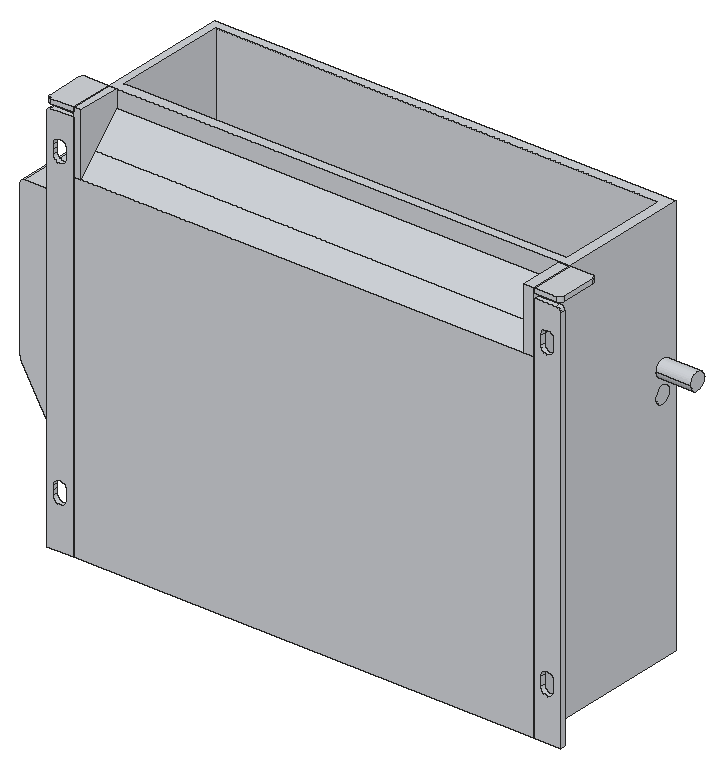
Revit family "Midea_FCU_two pipe 2th Ceiling&Floor MKH3-150R3(R4)(DC50,60Hz)-Floor", category Mechanical Equipment, Revit 2013
Parameters (values of type "MKH3-150-R3")
  clearance access up = 1500.000 mm
  clearance access right = 150.000 mm
  clearance access left = 150.000 mm
  clearance access down = 90.000 mm
  clearance access behind = 50.000 mm
  clearance [instance] = no
  Width = 495.000 mm
  Series = "FCU"
  Rated current = 0.15 A
  Power supply = "220-240V ~50Hz/60Hz"
  Power Input(H/M/L) = "35/17/14 W"
  Panel color = "-"
  Net Weight = 11.60 kg
  Model = "MKH3-150-R3"
  Manufacturer = "Midea"
  Machine material = Galvanized Steel
  Liquid pipe = 19.050 mm
  Installation = "Indoor installation"
  Height = 200.000 mm
  Heating Capacity(H/M/L) = "1.85/1.29/1.13 kW"
  Drain pipe = 18.500 mm
  Description = "High efficiency water cooled"
  Depth = 790.000 mm
  Cooling Capacity(H/M/L) = "1.65/1.22/1.09 kW"
  Condensation = "water"
  Circuit breaker = 15 A
  Air Flow(H/M/L) = "255/165/142 m3/h"
Types (3, lengths in mm): name | Rated current | Power Input(H/M/L) | Net Weight | Model | Heating Capacity(H/M/L) | Cooling Capacity(H/M/L) | Air Flow(H/M/L)
  (no name) | 0.15 A | "35/17/14 W" | 11.60 kg | "MKH3-150-R3" | "1.85/1.29/1.13 kW" | "1.65/1.22/1.09 kW" | "255/165/142 m3/h"
  MKH3-150-R3 | 0.15 A | "35/17/14 W" | 11.60 kg | "MKH3-150-R3" | "1.85/1.29/1.13 kW" | "1.65/1.22/1.09 kW" | "255/165/142 m3/h"
  MKH3-150-R4 | 0.17 A | "40/24/15 W" | 12.00 kg | "MKH3-150-R4" | "2.35/1.87/1.40 kW" | "2.25/1.85/1.46 kW" | "255/192/139 m3/h"
Reference planes
  plane 1 "Center (Front/Back)": y = 0
  plane 2: z = 0
  plane 3 "Center (Left/Right)": x = 0
  plane 4: y = -200
  plane 5: z = 455
  plane 6: x = 300
  plane 7: x = -328
  plane 8: z = 445
  plane 9: z = 445
  plane 10: x = -275
  plane 11: z = 355
  plane 12: z = 90
Forms (mm)
  Extrusion 1, solid
    sketch origin (500, 500, 0) x (0, -1, 0) y (0, 0, -1)
      loop
        line (500, -455) -> (650, -455) -> (650, -435) -> (680, -405) -> (700, -385) -> (700, 0) -> (500, 0) -> (500, -455)
    from -760 to -240
  Extrusion 2, void
    sketch origin (0, 0, 0) x (0, 1, 0) y (0, 0, 1)
      loop
        line (-190, 10) -> (-10, 10) -> (-10, 455) -> (-140, 455) -> (-140, 430.858) -> (-190, 380.858) -> (-190, 10)
    from -251.261 to 248.722
  Extrusion 3, solid
    sketch origin (0, 0, 0) x (0, 1, 0) y (0, 0, 1)
      loop
        line (-200, 385) -> (-150, 435) -> (-150, 455) -> (-200, 455) -> (-200, 385)
    from 248.722 to 260
  Extrusion 4, solid
    sketch origin (0, 0, 0) x (0, 1, 0) y (0, 0, -1)
      loop
        line (-200, -385) -> (-200, -455) -> (-150, -455) -> (-150, -435) -> (-200, -385)
    from 251.261 to 260
  Extrusion 5, solid
    sketch origin (54, 0, 0) x (1, 0, 0) y (0, 1, 0)
      loop
        arc (-339, -150) -> (-342.536, -151.464) -> (-344, -155) r 5
        line (-344, -155) -> (-344, -195)
        arc (-344, -195) -> (-342.536, -198.536) -> (-339, -200) r 5
        line (-339, -200) -> (-314, -200) -> (-314, -150) -> (-339, -150)
      loop
        line (231, -150) -> (206, -150) -> (206, -200) -> (231, -200)
        arc (231, -200) -> (234.536, -198.536) -> (236, -195) r 5
        line (236, -195) -> (236, -155)
        arc (236, -155) -> (234.536, -151.464) -> (231, -150) r 5
    from 450 to 455
  Extrusion 6, solid
    sketch origin (54, 0, 0) x (1, 0, 0) y (0, 0, 1)
      loop
        line (206, 445) -> (206, 0) -> (236, 0) -> (236, 440)
        arc (236, 440) -> (234.536, 443.536) -> (231, 445) r 5
        line (231, 445) -> (206, 445)
      loop
        line (-314, 445) -> (-339, 445)
        arc (-339, 445) -> (-342.536, 443.536) -> (-344, 440) r 5
        line (-344, 440) -> (-344, 0) -> (-314, 0) -> (-314, 445)
      loop
        line (213.5, 410) -> (213.5, 400)
        arc (213.5, 400) -> (221, 392.5) -> (228.5, 400) r 7.5
        line (228.5, 400) -> (228.5, 405) -> (228.5, 410)
        arc (228.5, 410) -> (221, 417.5) -> (213.5, 410) r 7.5
      loop
        arc (-321.5, 410) -> (-329, 417.5) -> (-336.5, 410) r 7.5
        line (-336.5, 410) -> (-336.5, 405) -> (-336.5, 400)
        arc (-336.5, 400) -> (-329, 392.5) -> (-321.5, 400) r 7.5
        line (-321.5, 400) -> (-321.5, 410)
      loop
        arc (-321.5, 65) -> (-329, 72.5) -> (-336.5, 65) r 7.5
        line (-336.5, 65) -> (-336.5, 60) -> (-336.5, 55)
        arc (-336.5, 55) -> (-329, 47.5) -> (-321.5, 55) r 7.5
        line (-321.5, 55) -> (-321.5, 65)
      loop
        line (213.5, 65) -> (213.5, 55)
        arc (213.5, 55) -> (221, 47.5) -> (228.5, 55) r 7.5
        line (228.5, 55) -> (228.5, 60) -> (228.5, 65)
        arc (228.5, 65) -> (221, 72.5) -> (213.5, 65) r 7.5
    from 195 to 200
  Extrusion 7, solid
    sketch origin (0, 0, 0) x (1, 0, 0) y (0, 0, 1)
      loop
        line (-260, 355) -> (-323, 355)
        arc (-323, 355) -> (-326.536, 353.536) -> (-328, 350) r 5
        line (-328, 350) -> (-328, 176.897)
        arc (-328, 176.897) -> (-327.633, 173.45) -> (-326.332, 170.236) r 12.496
        line (-326.332, 170.236) -> (-280.877, 91.519)
        arc (-280.877, 91.519) -> (-279.983, 90.487) -> (-278.708, 90) r 2.801
        line (-278.708, 90) -> (-260, 90) -> (-260, 355)
    from 30 to 190
  Extrusion 8, solid
    sketch origin (500, 500, 0) x (0, -1, 0) y (0, 0, -1)
      loop
        circle (519.525, -295.408) r 9.525
    from -240 to -200
  Extrusion 9, solid
    sketch origin (-500, 500, 0) x (0, -1, 0) y (0, 0, 1)
      loop
        circle (519.525, 295.408) r 9.525
    from -240 to -200
  Extrusion 10, solid
    sketch origin (500, 498.342, 0) x (0, -1, 0) y (0, 0, -1)
      loop
        circle (517.592, -267.659) r 9.25
    from -267.467 to -240
  Extrusion 11, solid
    sketch origin (-500, 498.342, 0) x (0, -1, 0) y (0, 0, 1)
      loop
        circle (517.592, 267.659) r 9.25
    from -267.467 to -240
Cuts and joins
  Extrusion 2 cuts Extrusion 1
Dimensions and locks
  aligned and locked: level to plane 2
Nested families
  nested 1: "Midea service space" at (-478, -200, 0), visible <- "clearance", type "Midea Service  Space"
    with Width 150.000 mm, Height 455.000 mm, Depth 200.000 mm
  nested 2: "Midea service space" at (300, -200, 0), visible <- "clearance", type "Midea Service  Space"
    with Width 150.000 mm, Height 455.000 mm, Depth 200.000 mm
  nested 3: "Midea service space" at (-328, 0, 0), visible <- "clearance", type "Midea Service  Space"
    with Width 628.000 mm, Height 455.000 mm, Depth 50.000 mm
  nested 4: "Midea service space" at (-328, -200, 455), visible <- "clearance", type "Midea Service  Space"
    with Width 628.000 mm, Height 1500.000 mm, Depth 200.000 mm
  nested 5: "Midea service space" at (-328, -200, -90), visible <- "clearance", type "Midea Service  Space"
    with Width 628.000 mm, Height 90.000 mm, Depth 200.000 mm
Connectors
  piping at (-300, -19.525, 295.408)
    settings: on Extrusion 9, index 1, connector radius 3/8", flow factor 0, pipe flow 0 GPM, pressure drop 0.00 psi, fitting loss kfactor 0, connector angle 0.00°, fixture units 0, engagement length 0.000 mm, flow configuration 0, flow direction 0, fitting loss method 0, system type 7, joint type 0, gender type 0, connector reference index -1, connector utility 0, adjustable connector no, is connector primary yes, fitting loss table "", connector description ""
  piping at (-260, -19.25, 267.659)
    settings: on Extrusion 11, index 2, connector radius 0.36417", flow factor 0, pipe flow 0 GPM, pressure drop 0.00 psi, fitting loss kfactor 0, connector angle 0.00°, fixture units 0, engagement length 0.000 mm, flow configuration 0, flow direction 0, fitting loss method 0, system type 7, joint type 0, gender type 0, connector reference index -1, connector utility 0, adjustable connector no, is connector primary no, fitting loss table "", connector description ""
  piping at (300, -19.525, 295.408)
    settings: on Extrusion 8, index 3, connector radius 3/8", flow factor 0, pipe flow 0 GPM, pressure drop 0.00 psi, fitting loss kfactor 0, connector angle 0.00°, fixture units 0, engagement length 0.000 mm, flow configuration 0, flow direction 0, fitting loss method 0, system type 7, joint type 0, gender type 0, connector reference index -1, connector utility 0, adjustable connector no, is connector primary no, fitting loss table "", connector description ""
  piping at (260, -19.25, 267.659)
    settings: on Extrusion 10, index 4, connector radius 0.36417", flow factor 0, pipe flow 0 GPM, pressure drop 0.00 psi, fitting loss kfactor 0, connector angle 0.00°, fixture units 0, engagement length 0.000 mm, flow configuration 0, flow direction 0, fitting loss method 0, system type 7, joint type 0, gender type 0, connector reference index -1, connector utility 0, adjustable connector no, is connector primary no, fitting loss table "", connector description ""
  electrical at (-328, -110, 263.448)
    settings: on Extrusion 7, index 5, voltage 220 V, apparent load 0 VA, apparent load phase1 0 VA, apparent load phase2 0 VA, apparent load phase3 0 VA, power factor 1, load classification "Other", number of poles 1, system type 30, power factor state 1, is connector primary yes, connector utility no, sub classification motor no, connector description ""
Definition of nested family "Midea service space"
  Parameters (values of type "Midea Service  Space")
    Width [instance] = 500.000 mm
    Height [instance] = 500.000 mm
    Depth [instance] = 500.000 mm
  Reference planes
    plane 1 "Center (Front/Back)": y = 0
    plane 2: z = 0
    plane 3 "Center (Left/Right)": x = 0
    plane 4: z = 500
    plane 5: y = 500
    plane 6: x = 500
  Forms (mm)
    Extrusion 1, solid, material "Midea Service Space-HDY"
      sketch origin (0, 0, 0) x (1, 0, 0) y (0, 1, 0)
        loop
          line (0, 500) -> (0, 0) -> (500, 0) -> (500, 500) -> (0, 500)
      from 0 to 500
  Dimensions and locks
    "Width": plane 3 "Center (Left/Right)" to plane 6
    "Depth": plane 5 to plane 1 "Center (Front/Back)"
    "Height": level to plane 4
    aligned and locked: level to plane 2
    aligned and locked: plane 5 to Extrusion 1
    aligned and locked: Extrusion 1 to plane 6
    aligned and locked: Extrusion 1 to plane 3 "Center (Left/Right)"
    aligned and locked: plane 1 "Center (Front/Back)" to Extrusion 1
    aligned and locked: Extrusion 1 to plane 4
  Automatic sketch dimensions
    Extrusion 1 sketch curve to plane 3 "Center (Left/Right)" = 0.000 mm
    plane 1 "Center (Front/Back)" to Extrusion 1 sketch curve = 0.000 mm
    Extrusion 1 sketch curve to plane 6 = 0.000 mm
    Extrusion 1 sketch curve to plane 5 = 0.000 mm
